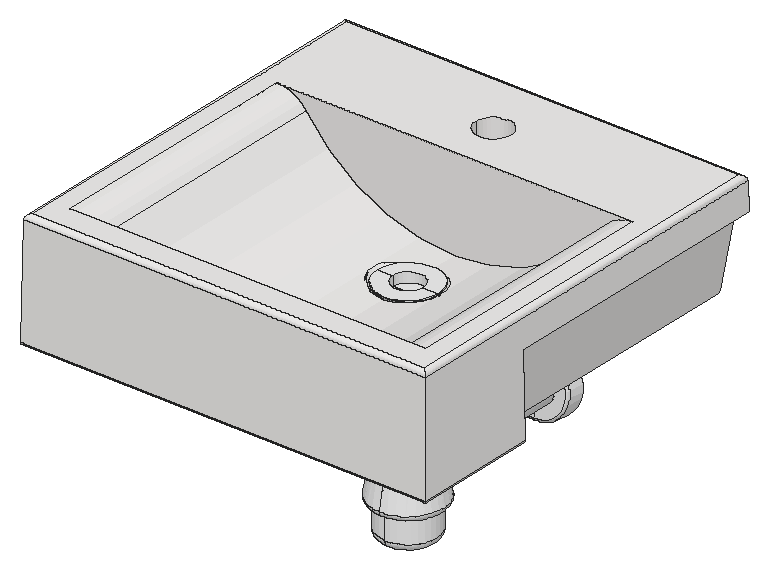
Revit family "ok-Incepa_Ocean_Cuba de Semi-Encaixe com mesa para metal Pacific_63028", category Plumbing Fixtures, Revit 2014
Parameters (values of type "01 - Branco")
  WFU = 2
  Type Comments = ""
  Raio Ponto de Esgoto = 20 mm
  Place on face [instance] = no
  Outros Complementos [instance] = "Sifão para lavatório 1\"x1.1⁄2\" com tubo de 300 mm (B5816C5CRB) + Válvula de escoamento para lavatório, 1\" sem ladrão com tampa plástica (B5828C5CR3), linha Complementos - Metais Celite"
  Louças [instance] = Incepa - Louça_Branca
  Incepa: Versão = "Autodesk Revit MEP 2014"  # constant formula
  Incepa: Vazão de Esgoto [instance] = 0.0 L/s
  Incepa: Tipo = "Cubas"  # constant formula
  Incepa: Produto = "Louças"  # constant formula
  Incepa: Norma = "ABNT NBR 15097-1: 2011 - Requisitos e métodos de ensaio"
  Incepa: Link do Produto = "http://www.banheirosincepa.com.br/pt/produtos/446/"
  Incepa: Linha = "Ocean"  # constant formula
  Incepa: Informações Técnicas [instance] = "N/A"
  Incepa: Informações Gerais [instance] = "N/A"
  Incepa: Fabricante = "Incepa"  # constant formula
  Incepa: Desenho Técnico = "N/A"
  Incepa: Descrição = "Cuba de semi-encaixe com mesa para metal Pacific cor branca (63028), 400 x 400 mm, linha Ocean - Louças Incepa"
  Incepa: Código = "63028"
  Incepa: Cores Disponíveis = "Branco"
  Incepa: Copyright © = "© 2015 Incepa"  # constant formula
  Incepa: Complementos [instance] = if(Complemento, Outros Complementos, "N/A")  # "Sifão para lavatório 1\"x1.1⁄2\" com tubo de 300 mm (B5816C5CRB) + Válvula de escoamento para lavatório, 1\" sem ladrão com tampa plástica (B5828C5CR3), linha Complementos - Metais Celite"
  Incepa: Categoria = "Cubas e Lavatórios"  # constant formula
  Incepa: Altura da torneira [instance] = Elevação somente no plano  # 662 mm
  Incepa: Altura da Peça [instance] = Elevação somente no plano  # 662 mm
  Incepa: Altura Ponto de Esgoto [instance] = Altura Ponto de Esgoto  # 450 mm
  Desnível Aux. Ponto de Esgoto [instance] = 100 mm
  HWFU = 0
  Diâmetro Ponto de Esgoto = Raio Ponto de Esgoto * 2  # 40 mm
  Distância Parede/Face [instance] = 0 mm
  Tipo de Sifão [instance] = Celite_Complementos_Sifão de Uso Geral : Sifão para lavatório - B5816C5CRB
  Complemento [instance] = yes
  URL = "http://www.banheirosincepa.com.br/pt"
  Selo de Qualidade ofcdesk = "Standard"  # constant formula
  Model = Incepa: Código  # "63028"
  Metais [instance] = Celite - Cromado
  Manufacturer = Incepa: Fabricante  # "Incepa"
  Elevação somente no plano [instance] = 662 mm
  Description = Incepa: Descrição  # "Cuba de semi-encaixe com mesa para metal Pacific cor branca (63028), 400 x 400 mm, linha Ocean - Louças Incepa"
  Default Elevation = 0 mm
  Desenvolvido por = "ofcdesk"  # constant formula
  Com Válvula (quantificável) [instance] = yes
  Com Sifão (quantificável) [instance] = yes
  CWFU = 0
  Assembly Code = "D2010400"
  Desnível Ponto de Esgoto [instance] = if(not(Place on face), Elevação somente no plano - Altura Ponto de Esgoto, Desnível Aux. Ponto de Esgoto)  # 212 mm
  Altura Ponto de Esgoto [instance] = 450 mm
Reference planes
  plane 1 "Center (Front/Back)": y = 0
  plane 2: z = 0
  plane 3 "Center (Left/Right)": x = 0
  plane 4: z = 662
  plane 5: z = 450
  plane 6: y = -66.928
  plane 7: y = 0
  plane 8: z = 544.793
  plane 9: y = -172.231
  plane 10: z = 536.5
  plane 11: z = 607
Dimensions and locks
  "Elevação somente no plano": plane 4 to plane 2
  "Desnível Ponto de Esgoto": plane 4 to plane 5
  plane 4 to plane 11 to plane 8 = 55 mm locked, 62.207 mm locked
  plane 7 to plane 6 to plane 9 = 66.928 mm locked, 105.303 mm locked
  "Distância Parede/Face": plane 1 "Center (Front/Back)" to plane 7
  locked: plane 8 to plane 10 at 8.293
  aligned and locked: level to plane 2
  aligned and locked: plane 1 "Center (Front/Back)" to nested 3
  aligned and locked: plane 5 to nested 3
  aligned and locked: plane 8 to nested 3
  aligned and locked: plane 9 to nested 3
  aligned and locked: nested 2 to plane 9
  aligned and locked: plane 3 "Center (Left/Right)" to nested 2
  aligned and locked: nested 1 to plane 7
  aligned and locked: plane 4 to nested 1
Nested families
  nested 1: "63028" at (0, 0, 582), Louças <- "Louças", type "63028"
  nested 2: "Celite_Complementos_Válvula de Escoamento" at (0, -172.231, 607), Metais <- "Metais", visible <- "Com Válvula (quantificável)", type "Válvula de escoamento para lavatório - B5828C5CR3"
    with Raio2 30 mm, Raio1 16 mm, Raio furo 15 mm, Metais Celite - Cromado, L/Rosca 54.856 mm, Comprimento 70.5 mm, Celite: Norma "ABNT NBR 15423:2006 - Requisitos e métodos de ensaio"
  nested 3: "Celite_Complementos_Sifão de Uso Geral" at (0, 0, 450), visible <- "Com Sifão (quantificável)", Metais <- "Metais", Celite: Vazão de Projeto <- "Incepa: Vazão de Esgoto", type "Sifão para lavatório - B5816C5CRB"
    with Raio1 16 mm, Metais Celite - Cromado, Elevação 0 mm, Celite: Vazão de Projeto 0.0 L/s, Celite: Informações Técnicas "N/A", Celite: Informações Gerais "N/A", Celite: Altura da Peça 0 mm, Ajuste Vetical no Lavatório 94.793 mm, Afastamento da Parede 172.231 mm
Connectors
  piping at (0, -14.131, 450), diameter 40, driven by "Raio Ponto de Esgoto", driven by "Incepa: Vazão de Esgoto", driven by "WFU"
    settings: on nested 3, index 1, connector inside diameter 609.6 mm, connector length 0 mm, flow factor 0, pipe flow 0.0 L/s, pressure drop 0.0 kPa, fitting loss kfactor 0, connector angle 0.00°, fixture units 2, engagement length 0 mm, angle of deflection 0.00°, flow configuration 3, flow direction 2, fitting loss method 0, system type 16, joint type 0, gender type 0, connector reference index -1, connector utility 0, adjustable connector no, is connector primary yes, connector description ""
Definition of nested family "63028"
  Parameters (values of type "63028")
    WFU = 0
    Type Comments = ""
    Profundidade = 400 mm
    Largura = 400 mm
    HWFU = 0
    URL = "http://www.incepa.com.br"
    Selo de Qualidade ofcdesk = "Standard"  # constant formula
    Model = ""
    Manufacturer = "Incepa"
    Louças [instance] = Incepa - Louça_Branca
    Description = ""
    Default Elevation = 0 mm
    Desenvolvido por = "ofcdesk"  # constant formula
    CWFU = 0
    Assembly Code = ""
  Reference planes
    plane 1 "Back": y = 0
    plane 2: z = 0
    plane 3 "Center (Left/Right)": x = 0
    plane 4 "Top": z = 115
    plane 5: y = -400
    plane 6: x = -200
    plane 7: x = 200
    plane 8: y = -66.928
    plane 9: y = -172.231
    plane 10: y = -278.6
    plane 11: z = 80
  Forms (mm)
    Sweep 1, solid, material "Incepa - Louça_Branca" <- "Louças"
      path origin (0, 0, 0) x (1, 0, 0) y (0, 1, 0)
        loop
          line (-200, 0) -> (-200, -400) -> (200, -400) -> (200, 0) -> (-200, 0)
      profile origin (-200, -200, 0) x (1, 0, 0) y (0, 0, 1)
        loop
          line (1.966, 0) -> (30, 0) -> (30, 115) -> (6.885, 115)
          arc (6.885, 115) -> (3.38, 113.565) -> (1.886, 110.084) r 5
          line (1.886, 110.084) -> (0.067, 1.965)
          arc (0.067, 1.965) -> (0.6, 0.58) -> (1.966, 0) r 1.9
    Extrusion 2, solid, material "Incepa - Louça_Branca" <- "Louças"
      sketch origin (0, 0, 0) x (1, 0, 0) y (0, 1, 0)
        loop
          line (-170, -370) -> (170, -370) -> (170, -30) -> (-170, -30) -> (-170, -370)
      from 0 to 115
    Extrusion 3, void
      sketch origin (0, 0, 0) x (1, 0, 0) y (0, 0, 1)
        loop
          line (-200, 115) -> (-175.333, 115)
          arc (-175.333, 115) -> (-159.188, 111.054) -> (-146.683, 100.105) r 35
          arc (-146.683, 100.105) -> (0, 23.844) -> (146.683, 100.105) r 179.199
          arc (146.683, 100.105) -> (159.188, 111.054) -> (175.333, 115) r 35
          line (175.333, 115) -> (200, 115) -> (200, 155) -> (-200, 155) -> (-200, 115)
      from 114.901 to 369.845
    Revolve 4, void
      sketch origin (0, -36.198, 0) x (0, 1, 0) y (0, 0, 1)
        loop
          line (-157.211, 14.057) -> (-157.211, -3.756) -> (-136.034, -3.756) -> (-136.034, 38.203) -> (-181.358, 38.203) -> (-157.211, 14.057)
        axis (-136.034, -3.756) -> (-136.034, 38.203)
      angle from 0 to 360
    Extrusion 5, void
      sketch origin (0, 0, 0) x (1, 0, 0) y (0, 1, 0)
        loop
          circle (0, -66.928) r 17.5
      from 61.422 to 142.625
    Extrusion 6, void
      sketch origin (0, 0, 0) x (1, 0, 0) y (0, 0, 1)
        loop
          line (-185.62, 80) -> (-219.262, 80) -> (-219.262, -20) -> (-164.364, -20) -> (-185.62, 80)
        loop
          line (186.045, 82) -> (164.364, -20) -> (219.262, -20) -> (219.262, 82) -> (186.045, 82)
      from -10 to 278.6
  Cuts and joins
    Extrusion 3, Revolve 4, Extrusion 5, Extrusion 6 cuts Sweep 1
    Extrusion 3, Revolve 4, Extrusion 5, Extrusion 6 cuts Extrusion 2
    joined: Sweep 1, Extrusion 2
  Dimensions and locks
    plane 4 "Top" to plane 2 = 115 mm  (x2)
    "Largura": plane 6 to plane 7
    "Profundidade": plane 5 to plane 1 "Back"
    equal spacing: plane 6, plane 3 "Center (Left/Right)", plane 7
    plane 1 "Back" to Revolve 4 sketch curve to Revolve 4 sketch curve to Revolve 4 sketch curve = 172.231 mm, 21.178 mm locked, 24.146 mm locked
    aligned and locked: plane 2 to level
    aligned and locked: Sweep 1 sketch curve to plane 6
    aligned and locked: Sweep 1 sketch curve to plane 7
    aligned and locked: Sweep 1 sketch curve to plane 1 "Back"
    aligned and locked: Sweep 1 sketch curve to plane 5
    aligned and locked: Extrusion 2 sketch curve to Sweep 1  (x4)
    aligned and locked: plane 4 "Top" to Extrusion 2
    aligned and locked: plane 4 "Top" to Sweep 1 sketch curve
    aligned and locked: plane 3 "Center (Left/Right)" to Extrusion 5 sketch curve
  Automatic sketch dimensions
    level to Revolve 4 sketch curve = 38.203 mm
    level to Revolve 4 sketch curve = 14.057 mm
    Revolve 4 sketch curve to level = 3.756 mm
    Revolve 4 sketch curve to Revolve 4 sketch curve = 0 mm  (x2)
    Revolve 4 sketch curve to Revolve 4 sketch curve = 18.011 mm
    Sweep 1 sketch curve to level = 0 mm
    Sweep 1 sketch curve to profile plane = 0.067 mm
    Sweep 1 sketch curve to profile plane = 1.886 mm
    Sweep 1 sketch curve to Sweep 1 sketch curve = 1.899 mm
    Sweep 1 sketch curve to Sweep 1 sketch curve = 4.999 mm
    Sweep 1 sketch curve to Sweep 1 sketch curve = 23.115 mm
    level to Sweep 1 sketch curve = 1.9 mm
    Sweep 1 sketch curve to Sweep 1 sketch curve = 5 mm
    Extrusion 3 sketch curve to plane 4 "Top" = 0 mm  (x2)
    Extrusion 3 sketch curve to plane 6 = 0 mm
    Extrusion 3 sketch curve to plane 3 "Center (Left/Right)" = 0 mm
    plane 6 to Extrusion 3 sketch curve = 24.667 mm
    Extrusion 3 sketch curve to plane 7 = 24.667 mm
    Extrusion 3 sketch curve to Extrusion 3 sketch curve = 35 mm  (x2)
    Extrusion 3 sketch curve to Extrusion 3 sketch curve = 40 mm
    plane 4 "Top" to Extrusion 3 sketch curve = 88.043 mm
    Extrusion 3 sketch curve to Extrusion 3 sketch curve = 0 mm
    plane 7 to Extrusion 3 sketch curve = 0 mm
    plane 1 "Back" to Extrusion 5 sketch curve = 66.928 mm
    Extrusion 6 sketch curve to plane 6 = 19.262 mm
    plane 6 to Extrusion 6 sketch curve = 14.38 mm
    plane 6 to Extrusion 6 sketch curve = 35.636 mm
    Extrusion 6 sketch curve to plane 7 = 35.636 mm
    Extrusion 6 sketch curve to plane 7 = 13.955 mm
    plane 7 to Extrusion 6 sketch curve = 19.262 mm
    Extrusion 6 sketch curve to level = 20 mm  (x2)
    Extrusion 6 sketch curve to plane 4 "Top" = 35 mm
    Extrusion 6 sketch curve to plane 4 "Top" = 33 mm
    radius of Extrusion 5 sketch curve = 17.5 mm
Definition of nested family "Celite_Complementos_Válvula de Escoamento"
  Parameters (values of type "Válvula de escoamento para lavatório - B5828C5CR3")
    Waste Connection = 1 = 0  # no
    WFU = 0  # constant formula
    Vent Connection = 1 = 0  # no
    URL = "http://www.celite.com.br"
    Selo de Qualidade ofcdesk = "Standard"  # constant formula
    Raio1 [instance] = 16 mm
    Raio2 [instance] = 30 mm
    Raio furo [instance] = 15 mm
    Model = Celite: Código  # "B5828C5CR3"
    Metais [instance] = Celite - Cromado
    Manufacturer = Celite: Fabricante  # "Celite"
    L/Rosca [instance] = 59.5 mm
    HWFU = 0  # constant formula
    HW Connection = 1 = 0  # no
    Desenvolvido por = "ofcdesk"  # constant formula
    Description = Celite: Descrição  # "Válvula de escoamento para lavatório, 1\" sem ladrão com tampa plástica (B5828C5CR3), Complementos - Metais Celite"
    Default Elevation = 0 mm
    Comprimento [instance] = 70.5 mm
    Celite: Versão = "Autodesk Revit MEP 2014"  # constant formula
    Celite: Tipo = "Válvulas de escoamento"  # constant formula
    Celite: Produto = "Metais"  # constant formula
    Celite: Norma [instance] = "ABNT NBR 15423:2006 - Requisitos e métodos de ensaio"
    Celite: Link do Produto = "http://www.celite.com.br/pt/produtos/categoria/2/tipo/10/subtipo/19/"
    Celite: Linha = "Válvulas"  # constant formula
    Celite: Informações Técnicas = "N/A"
    Celite: Informações Gerais = "N/A"
    Celite: Fabricante = "Celite"  # constant formula
    Celite: Desenho Técnico = "http://www.celite.com.br/media/uploads/desenhos_tecnicos/A5828C5CR3_Valvula_de_escoamento_Lavatorio.pdf"
    Celite: Descrição = "Válvula de escoamento para lavatório, 1\" sem ladrão com tampa plástica (B5828C5CR3), Complementos - Metais Celite"
    Celite: Código = "B5828C5CR3"
    Celite: Cores Disponíveis = "Cromado"
    Celite: Copyright © = "© 2014 Celite"  # constant formula
    Celite: Categoria = "Complementos"  # constant formula
    CW Connection = 1 = 0  # no
    Assembly Code = "D2010"
  Types (5, lengths in mm): name | Raio1 | Raio2 | Raio furo | Model | L/Rosca | Description | Comprimento | Celite: Desenho Técnico | Celite: Descrição | Celite: Código
    (no name) | 16 | 30 | 15 | "B5828C5CR3" | 59.5 | "Válvula de escoamento para lavatório, 1\" sem ladrão com tampa plástica (B5828C5CR3), Complementos - Metais Celite" | 70.5 | "http://www.celite.com.br/media/uploads/desenhos_tecnicos/A5828C5CR3_Valvula_de_escoamento_Lavatorio.pdf" | "Válvula de escoamento para lavatório, 1\" sem ladrão com tampa plástica (B5828C5CR3), Complementos - Metais Celite" | "B5828C5CR3"
    Válvula de escoamento para lavatório - B5828C5CR3 | 16 | 30 | 15 | "B5828C5CR3" | 59.5 | "Válvula de escoamento para lavatório, 1\" sem ladrão com tampa plástica (B5828C5CR3), Complementos - Metais Celite" | 70.5 | "http://www.celite.com.br/media/uploads/desenhos_tecnicos/A5828C5CR3_Valvula_de_escoamento_Lavatorio.pdf" | "Válvula de escoamento para lavatório, 1\" sem ladrão com tampa plástica (B5828C5CR3), Complementos - Metais Celite" | "B5828C5CR3"
    Válvula de escoamento para tanque - B5829C5CR3 | 20 | 32.8 | 18 | "B5829C5CR3" | 57 | "Válvula de escoamento para tanque (B5829C5CR3), Complementos - Metais Celite" | 65.5 | "http://www.celite.com.br/media/uploads/desenhos_tecnicos/A5829C5CR3_Valvula_de_escoamento_Tanque.pdf" | "Válvula de escoamento para tanque (B5829C5CR3), Complementos - Metais Celite" | "B5829C5CR3"
    Válvula de escoamento para cozinha - B5830C5CRB | 25 | 44 | 25 | "B5830C5CRB" | 35 | "Válvula de escoamento para cozinha, 3.1/2\" x 1.1/2\" com cesta metal (B5830C5CRB), Complementos - Metais Celite" | 45 | "http://www.celite.com.br/media/uploads/desenhos_tecnicos/A5830C5CRB_Valvula_de_escoamento_Cozinha_3-1.2.pdf" | "Válvula de escoamento para cozinha, 3.1/2\" x 1.1/2\" com cesta metal (B5830C5CRB), Complementos - Metais Celite" | "B5830C5CRB"
    Válvula de escoamento para cozinha - B5831C5CRB | 25 | 56.5 | 30 | "B5831C5CRB" | 35 | "Válvula de escoamento para cozinha, 4.1/2\" x 1.1/2\" com cesta metal (B5831C5CRB), Complementos - Metais Celite" | 49 | "http://www.celite.com.br/media/uploads/desenhos_tecnicos/A5831C5CRB_Valvula_de_escoamento_Cozinha_4-1.2.pdf" | "Válvula de escoamento para cozinha, 4.1/2\" x 1.1/2\" com cesta metal (B5831C5CRB), Complementos - Metais Celite" | "B5831C5CRB"
  Reference planes
    plane 1 "Center (Front/Back)": y = 0
    plane 2: z = 0
    plane 3 "Center (Left/Right)": x = 0
    plane 4: z = -70.5
    plane 5: z = -11
  Forms (mm)
    Extrusion 1, solid
      sketch origin (0, 0, 0) x (1, 0, 0) y (0, 1, 0)
        loop
          line (-400, 400) -> (-400, -400.224) -> (399.59, -400.224) -> (399.59, 400) -> (-400, 400)
      from 0 to -304.8
    Revolve 2, solid, material "Celite - Cromado" <- "Metais"
      sketch origin (0, 0, 0) x (1, 0, 0) y (0, 0, 1)
        loop
          line (0, -8.185) -> (-15, -8.185) -> (-15, 1) -> (-30, 1) -> (-30, 0) -> (-16, -11) -> (-16, -70.5) -> (0, -70.5) -> (0, -8.185)
        axis (0, 1) -> (0, -70.5)
      angle from 0 to 360
  Dimensions and locks
    "Comprimento": level to plane 4
    "L/Rosca": plane 5 to plane 4
    "Raio1": plane 3 "Center (Left/Right)" to Revolve 2 sketch curve
    "Raio2": plane 3 "Center (Left/Right)" to Revolve 2 sketch curve
    locked: plane 2 to Revolve 2 sketch curve at 8.185
    "Raio furo": plane 3 "Center (Left/Right)" to Revolve 2 sketch curve
    aligned and locked: plane 2 to Extrusion 1
    aligned and locked: level to Extrusion 1
    aligned and locked: Revolve 2 sketch curve to plane 3 "Center (Left/Right)"  (x2)
    aligned and locked: plane 5 to Revolve 2 sketch curve
    aligned and locked: plane 4 to Revolve 2 sketch curve
    aligned and locked: level to Revolve 2 sketch curve
  Automatic sketch dimensions
    Extrusion 1 sketch curve to Extrusion 1 sketch curve = 799.59 mm
    Extrusion 1 sketch curve to Extrusion 1 sketch curve = 800.224 mm
    Revolve 2 sketch curve to Revolve 2 sketch curve = 1 mm
    level to Revolve 2 sketch curve = 25 mm
    Revolve 2 sketch curve to Revolve 2 sketch curve = 60 mm
Definition of nested family "Celite_Complementos_Sifão de Uso Geral"
  Parameters (values of type "Sifão para cozinha - B5817C5CRB")
    WFU = 2
    URL = "http://www.celite.com.br"
    Selo de Qualidade ofcdesk = "Standard"  # constant formula
    Raio1 [instance] = 16 mm
    Raio Ponto de Esgoto = 20 mm
    Model = Celite: Código  # "B5817C5CRB"
    Metais [instance] = Celite - Cromado
    Manufacturer = Celite: Fabricante  # "Celite"
    Elevação [instance] = 680 mm
    Diâmetro Ponto de Esgoto = Raio Ponto de Esgoto * 2  # 40 mm
    Desenvolvido por = "ofcdesk"  # constant formula
    Description = Celite: Descrição  # "Sifão para cozinha 1.1⁄2”x 1.1⁄2” com tubo de 300 mm (B5817C5CRB), linha Complementos - Metais Celite"
    Default Elevation = 0 mm
    Celite: Versão = "Autodesk Revit MEP 2014"  # constant formula
    Celite: Vazão de Projeto [instance] = 0.0 L/s
    Celite: Tipo = "Sifões"  # constant formula
    Celite: Produto = "Metais"  # constant formula
    Celite: Norma = "ABNT NBR 14162:2011 - Requisitos e métodos de ensaio"
    Celite: Link do Produto = "http://www.celite.com.br/pt/produtos/categoria/2/tipo/10/subtipo/9/"
    Celite: Linha = "Complementos"  # constant formula
    Celite: Informações Técnicas [instance] = "N/A"
    Celite: Informações Gerais [instance] = "N/A"
    Celite: Fabricante = "Celite"  # constant formula
    Celite: Desenho Técnico = "http://www.celite.com.br/media/uploads/desenhos_tecnicos/A5817C5CRB.gif"
    Celite: Descrição = "Sifão para cozinha 1.1⁄2”x 1.1⁄2” com tubo de 300 mm (B5817C5CRB), linha Complementos - Metais Celite"
    Celite: Código = "B5817C5CRB"
    Celite: Cores Disponíveis = "Cromado"
    Celite: Copyright © = "© 2014 Celite"  # constant formula
    Celite: Categoria = "Cozinhas e Lavatórios"  # constant formula
    Celite: Altura da Peça [instance] = Elevação  # 680 mm
    Assembly Code = "D2010"
    Ajuste Vetical no Lavatório [instance] = 100 mm
    Afastamento da Parede [instance] = 300 mm
  Types (6, lengths in mm): name | Raio Ponto de Esgoto | Model | Diâmetro Ponto de Esgoto | Description | Celite: Desenho Técnico | Celite: Descrição | Celite: Código
    (no name) | 20 | "B5817C5CRB" | 40 | "Sifão para cozinha 1.1⁄2”x 1.1⁄2” com tubo de 300 mm (B5817C5CRB), linha Complementos - Metais Celite" | "http://www.celite.com.br/media/uploads/desenhos_tecnicos/A5817C5CRB.gif" | "Sifão para cozinha 1.1⁄2”x 1.1⁄2” com tubo de 300 mm (B5817C5CRB), linha Complementos - Metais Celite" | "B5817C5CRB"
    Sifão para lavatório - B5816C5CRB | 20 | "B5816C5CRB" | 40 | "Sifão para lavatório 1\"x1.1⁄2\" com tubo de 300 mm (B5816C5CRB), linha Complementos - Metais Celite" | "http://www.celite.com.br/media/uploads/desenhos_tecnicos/A5816C5CRB.gif" | "Sifão para lavatório 1\"x1.1⁄2\" com tubo de 300 mm (B5816C5CRB), linha Complementos - Metais Celite" | "B5816C5CRB"
    Sifão para tanque com adaptador para 2" - B5005C5CRB | 30 | "B5005C5CRB" | 60 | "Sifão para tanque 1.1⁄4”x 1.1⁄2” com adaptador para 2” e tubo de 200 mm (B5005C5CRB), linha Complementos - Metais Celite" | "http://www.celite.com.br/media/uploads/desenhos_tecnicos/A5005C5CRB.gif" | "Sifão para tanque 1.1⁄4”x 1.1⁄2” com adaptador para 2” e tubo de 200 mm (B5005C5CRB), linha Complementos - Metais Celite" | "B5005C5CRB"
    Sifão para tanque - B5005C5CRB | 20 | "B5005C5CRB" | 40 | "Sifão para tanque 1.1⁄4”x 1.1⁄2” e tubo de 200 mm (B5005C5CRB), linha Complementos - Metais Celite" | "http://www.celite.com.br/media/uploads/desenhos_tecnicos/A5005C5CRB.gif" | "Sifão para tanque 1.1⁄4”x 1.1⁄2” e tubo de 200 mm (B5005C5CRB), linha Complementos - Metais Celite" | "B5005C5CRB"
    Sifão para cozinha com adaptador para 2" - B5817C5CRB | 30 | "B5817C5CRB" | 60 | "Sifão para cozinha 1.1⁄2”x 1.1⁄2” com adaptador para 2” e tubo de 300 mm (B5817C5CRB), linha Complementos - Metais Celite" | "http://www.celite.com.br/media/uploads/desenhos_tecnicos/A5817C5CRB.gif" | "Sifão para cozinha 1.1⁄2”x 1.1⁄2” com adaptador para 2” e tubo de 300 mm (B5817C5CRB), linha Complementos - Metais Celite" | "B5817C5CRB"
    Sifão para cozinha - B5817C5CRB | 20 | "B5817C5CRB" | 40 | "Sifão para cozinha 1.1⁄2”x 1.1⁄2” com tubo de 300 mm (B5817C5CRB), linha Complementos - Metais Celite" | "http://www.celite.com.br/media/uploads/desenhos_tecnicos/A5817C5CRB.gif" | "Sifão para cozinha 1.1⁄2”x 1.1⁄2” com tubo de 300 mm (B5817C5CRB), linha Complementos - Metais Celite" | "B5817C5CRB"
  Reference planes
    plane 1 "Center (Front/Back)": y = 0
    plane 2: z = 0
    plane 3 "Center (Left/Right)": x = 0
    plane 4: y = -300
    plane 5: z = 780
    plane 6: z = 680
  Forms (mm)
    Sweep 1, solid, material "Celite - Cromado" <- "Metais"
      path origin (0, 1442.421, 680) x (0, 1, 0) y (-1, 0, 0)
        loop
          line (-1442.421, 0) -> (-1697.421, 0)
      profile origin (0, -127.5, 680) x (1, 0, 0) y (0, 0, 1)
        loop
          circle (0, 0) r 19.05
        loop
          circle (0, 0) r 16
    Revolve 2, solid, material "Celite - Cromado" <- "Metais"
      sketch origin (0, 0, 0) x (0, 1, 0) y (0, 0, 1)
        loop
          line (-255, 680) -> (-255, 701.589)
          arc (-255, 701.589) -> (-256.067, 704.702) -> (-258.821, 706.505) r 5.073
          arc (-258.821, 706.505) -> (-261.574, 706.108) -> (-263.24, 703.88) r 3.635
          line (-263.24, 703.88) -> (-265.857, 703.88) -> (-265.857, 680) -> (-255, 680)
        axis (-265.857, 680) -> (-255, 680)
      angle from 0 to 360
    SweptBlend 3, solid, material "Celite - Cromado" <- "Metais"
      path origin (0, 0, 0) x (0, 1, 0) y (0, 0, 1)
        loop
          line (-265.857, 680) -> (-300, 680)
      profile origin (0, -265.857, 680) x (0, 0, -1) y (1, 0, 0)
        loop
          circle (0, 0) r 22.486
      end profile origin (0, -300, 680) x (0, 0, -1) y (1, 0, 0)
        loop
          circle (0, 0) r 21.589
    Revolve 4, solid, material "Celite - Cromado" <- "Metais"
      sketch origin (0, 0, 0) x (0, 1, 0) y (0, 0, 1)
        loop
          line (-300, 704.157) -> (-274.606, 704.157) -> (-274.606, 707.127)
          arc (-274.606, 707.127) -> (-274.901, 707.84) -> (-275.614, 708.135) r 1.008
          line (-275.614, 708.135) -> (-282.5, 708.135) -> (-283.521, 709.156) -> (-300, 709.156) -> (-300, 704.157)
        axis (-300, 709.156) -> (-300, 704.157)
      angle from 0 to 360
    Sweep 5, solid, material "Celite - Cromado" <- "Metais"
      path origin (0, 0, 0) x (0, 1, 0) y (0, 0, 1)
        loop
          line (-300, 709.156) -> (-300, 715.122)
      profile origin (0, -300, 712.139) x (0, -1, 0) y (1, 0, 0)
        loop
          circle (0, 0) r 16.479
    Sweep 6, solid, material "Celite - Cromado" <- "Metais"
      path origin (0, 0, 0) x (0, 1, 0) y (0, 0, 1)
        loop
          line (-300, 715.122) -> (-300, 769.613)
      profile origin (0, -300, 742.368) x (0, -1, 0) y (1, 0, 0)
        loop
          circle (0, 0) r 13
    Revolve 7, solid, material "Celite - Cromado" <- "Metais"
      sketch origin (0, 0, 0) x (0, 1, 0) y (0, 0, 1)
        loop
          line (0, 699.07) -> (0, 714.571)
          arc (0, 714.571) -> (-7.459, 714.035) -> (-14.888, 713.172) r 170.27
          arc (-14.888, 713.172) -> (-16.254, 712.452) -> (-16.959, 711.077) r 2.565
          line (-16.959, 711.077) -> (-16.959, 699.07) -> (0, 699.07)
        axis (-16.959, 680) -> (0, 680)
      angle from 0 to 360
    Sweep 8, void
      path origin (0, 1442.421, 680) x (0, 1, 0) y (-1, 0, 0)
        loop
          line (-1440.976, 0) -> (-1456.552, 0)
      profile origin (0, -6.343, 680) x (1, 0, 0) y (0, 0, 1)
        loop
          circle (0, 0) r 30
    Revolve 9, solid, material "Celite - Cromado" <- "Metais"
      sketch origin (0, 0, 0) x (0, 1, 0) y (0, 0, 1)
        loop
          line (-300, 771.707) -> (-300, 769.613) -> (-281.111, 769.613) -> (-281.111, 780) -> (-284, 780) -> (-284, 771.707) -> (-300, 771.707)
        axis (-300, 780) -> (-300, 769.613)
      angle from 0 to 360
    Revolve 10, solid, material "Celite - Cromado" <- "Metais"
      sketch origin (0, 0, 0) x (0, 1, 0) y (0, 0, 1)
        loop
          line (-300, 704.157) -> (-325.394, 704.157) -> (-334.85, 649.952)
          arc (-334.85, 649.952) -> (-333.712, 646.324) -> (-330.244, 644.765) r 4.638
          line (-330.244, 644.765) -> (-328.223, 644.765) -> (-328.223, 621.563)
          arc (-328.223, 621.563) -> (-326.054, 616.326) -> (-320.818, 614.157) r 7.405
          line (-320.818, 614.157) -> (-300, 614.157) -> (-300, 704.157)
        axis (-300, 704.157) -> (-300, 614.157)
      angle from 0 to 360
  Cuts and joins
    Sweep 8 cuts Sweep 1
    joined: Sweep 1, Revolve 2, SweptBlend 3, Revolve 4, Sweep 5, Sweep 6, Revolve 9, Revolve 10
    Sweep 8 cuts Revolve 7
  Dimensions and locks
    "Ajuste Vetical no Lavatório": plane 5 to plane 6
    "Elevação": plane 6 to level
    locked: Sweep 1 sketch curve to plane 4 at 45
    Sweep 8 sketch curve to Sweep 8 sketch curve = 15.576 mm
    Revolve 7 sketch curve to Revolve 7 sketch curve to Revolve 7 sketch curve = 14.888 mm locked, 2.071 mm locked
    locked: Revolve 9 sketch curve to Revolve 9 sketch curve at 2.889
    "Raio1": Revolve 9 sketch curve to plane 4
    plane 5 to Revolve 9 sketch curve to Revolve 9 sketch curve = 8.293 mm locked, 2.093 mm locked
    Revolve 7 sketch curve to Revolve 7 sketch curve to Revolve 7 sketch curve to Revolve 7 sketch curve to plane 6 = 1.399 mm locked, 2.095 mm locked, 12.007 mm locked, 19.07 mm locked
    "Afastamento da Parede": plane 1 "Center (Front/Back)" to plane 4
    radius of Sweep 1 sketch curve = 16 mm
    radius of Revolve 7 sketch curve = 2.565 mm
    aligned and locked: level to plane 2
    aligned and locked: plane 6 to Revolve 2 sketch curve
    aligned and locked: Revolve 2 sketch curve to plane 6
    aligned and locked: SweptBlend 3 sketch curve to plane 6
    aligned and locked: Revolve 4 sketch curve to plane 4
    aligned and locked: Sweep 5 sketch curve to plane 4
    aligned and locked: Revolve 4 to Sweep 5 sketch curve
    aligned and locked: Sweep 5 sketch curve to Revolve 4  (x2)
    aligned and locked: Sweep 5 to Sweep 6 sketch curve
    aligned and locked: Sweep 6 sketch curve to plane 4
    aligned and locked: Revolve 9 sketch curve to plane 4
    aligned and locked: plane 4 to Revolve 9 sketch curve
    aligned and locked: plane 4 to Revolve 10 sketch curve
    aligned and locked: Revolve 10 sketch curve to plane 4
    aligned and locked: plane 4 to SweptBlend 3 sketch curve
    aligned and locked: cut or joined group of Sweep 1, Revolve 2, SweptBlend 3, Revolve 4, Sweep 5, Sweep 6, Sweep 8, Revolve 9, Revolve 10 to SweptBlend 3 sketch curve
    aligned and locked: plane 6 to Sweep 8 sketch curve
    aligned and locked: plane 3 "Center (Left/Right)" to Sweep 8 sketch curve
  Automatic sketch dimensions
    Sweep 1 sketch curve to plane 3 "Center (Left/Right)" = 0 mm
    Revolve 4 sketch curve to plane 4 = 0 mm
    plane 4 to Revolve 4 sketch curve = 16.479 mm
    Revolve 4 sketch curve to Revolve 4 sketch curve = 1.021 mm  (x2)
    Revolve 4 sketch curve to Revolve 4 sketch curve = 6.886 mm
    Revolve 4 sketch curve to Revolve 4 sketch curve = 1.008 mm
    plane 6 to Revolve 4 sketch curve = 22.296 mm
    Revolve 4 sketch curve to Revolve 4 sketch curve = 1.862 mm
    Revolve 4 sketch curve to Revolve 4 sketch curve = 0 mm
    Revolve 4 sketch curve to Revolve 4 sketch curve = 2.97 mm
    Sweep 6 sketch curve to plane 3 "Center (Left/Right)" = 0 mm
    Sweep 6 sketch curve to profile plane = 0 mm
    SweptBlend 3 sketch curve to plane 3 "Center (Left/Right)" = 0 mm  (x2)
    SweptBlend 3 sketch curve to profile plane = 0 mm  (x2)
    Sweep 1 sketch curve to Sweep 1 sketch curve = 0 mm  (x2)
    Sweep 1 sketch curve to plane 6 = 0 mm
    profile plane to Sweep 1 sketch curve = 0 mm
    Sweep 6 sketch curve to plane 5 = 10.387 mm
    Revolve 7 sketch curve to plane 1 "Center (Front/Back)" = 0 mm  (x2)
    Revolve 7 sketch curve to plane 6 = 0 mm
    Revolve 7 sketch curve to plane 1 "Center (Front/Back)" = 5 mm
    Sweep 5 sketch curve to Sweep 5 sketch curve = 5.967 mm
    Revolve 10 sketch curve to Revolve 10 sketch curve = 20.818 mm
    Revolve 10 sketch curve to Revolve 10 sketch curve = 25.394 mm
    Revolve 10 sketch curve to Revolve 10 sketch curve = 7.405 mm
    Revolve 10 sketch curve to Revolve 10 sketch curve = 2.021 mm
    Revolve 10 sketch curve to Revolve 10 sketch curve = 4.606 mm
    Revolve 10 sketch curve to plane 6 = 95.843 mm
    Revolve 10 sketch curve to Revolve 10 sketch curve = 20 mm
    Revolve 10 sketch curve to Revolve 10 sketch curve = 10 mm
    Revolve 10 sketch curve to Revolve 10 sketch curve = 23.202 mm
    Revolve 10 sketch curve to Revolve 10 sketch curve = 4.638 mm
    plane 6 to Revolve 10 sketch curve = 24.157 mm
    SweptBlend 3 sketch curve to SweptBlend 3 sketch curve = 0 mm  (x2)
    SweptBlend 3 sketch curve to SweptBlend 3 sketch curve = 22.486 mm
    plane 4 to Revolve 2 sketch curve = 34.143 mm
    Revolve 2 sketch curve to Revolve 2 sketch curve = 2.616 mm
    Revolve 2 sketch curve to Revolve 2 sketch curve = 3.167 mm
    Revolve 2 sketch curve to Revolve 2 sketch curve = 0.355 mm
    Revolve 2 sketch curve to Revolve 2 sketch curve = 0.897 mm
    Revolve 2 sketch curve to Revolve 2 sketch curve = 0 mm  (x2)
    Revolve 2 sketch curve to Revolve 2 sketch curve = 4.718 mm
    Revolve 2 sketch curve to Revolve 2 sketch curve = 5 mm
    plane 6 to Revolve 2 sketch curve = 21.589 mm
    Sweep 8 sketch curve to plane 3 "Center (Left/Right)" = 0 mm
    Revolve 7 sketch curve to plane 1 "Center (Front/Back)" = 8.47 mm
    plane 1 "Center (Front/Back)" to Sweep 1 sketch curve = 0 mm
    Revolve 9 sketch curve to plane 5 = 0 mm
    Revolve 9 sketch curve to plane 5 = 3.821 mm
    plane 5 to Revolve 9 sketch curve = 8.366 mm
    radius of Sweep 6 sketch curve = 13 mm
    radius of SweptBlend 3 sketch curve = 21.589 mm
    radius of Sweep 1 sketch curve = 19.05 mm
    radius of Sweep 8 sketch curve = 30 mm
  Connectors
    piping at (0, 0, 680), diameter 40, driven by "WFU", driven by "Raio Ponto de Esgoto", driven by "Celite: Vazão de Projeto"
      settings: on Sweep 1, index 1, connector inside diameter 40 mm, connector length 0 mm, flow factor 0, pipe flow 0.0 L/s, pressure drop 0.0 kPa, fitting loss kfactor 0, connector angle 0.00°, fixture units 2, engagement length 0 mm, angle of deflection 0.00°, flow configuration 3, flow direction 2, fitting loss method 0, system type 16, joint type 0, gender type 0, connector reference index -1, connector utility 0, adjustable connector no, is connector primary yes, connector description ""
